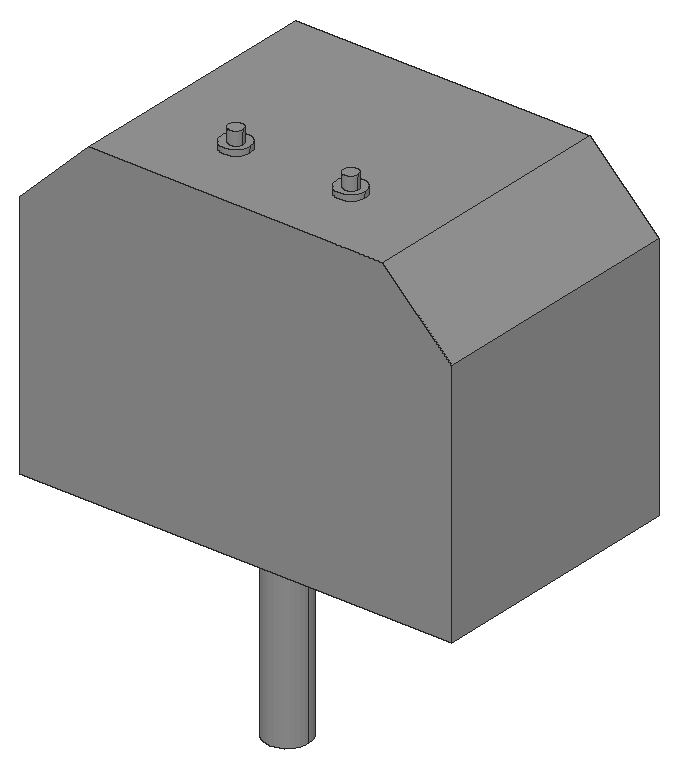
Revit family "Lavatory-Willoughby-CHS-1013-46", category Plumbing Fixtures, Revit 2015
Parameters (values of type "Standard")
  Waste RAD [instance] = Waste DIA / 2  # 3/4"
  Waste DIA [instance] = 1 1/2"
  Waste Connection = yes
  Vent Connection = no
  URL = "https://www.willoughby-ind.com/wp-content/uploads/2018/01/CHS-1013-46.pdf"
  Revision = "A"
  Model = "CHS-1013-46"
  Manufacturer = "Willoughby Industries"
  Lav HW INLET DIA [instance] = 1/2"
  Lav CW INLET DIA [instance] = 1/2"
  HW RAD [instance] = Lav HW INLET DIA / 2  # 1/4"
  HW Connection = yes
  Fixture Body = Stainless Steel AISI 304-Willoughby
  Description = "China Alternative Lavatory"
  Default Elevation = 1' - 11 1/4"
  Contact Number = "(800) 428-4065"
  CW RAD [instance] = Lav CW INLET DIA / 2  # 1/4"
  CW Connection = yes
Reference planes (in)
  plane 1 "Center (Front/Back)": y = 0
  plane 2: z = 0
  plane 3 "Center (Left/Right)": x = 0
  plane 4: y = -9
  plane 5: y = -6.5
Forms (in)
  Extrusion 1, solid, material "Stainless Steel AISI 304-Willoughby" <- "Fixture Body"
    sketch origin (0, -5, 3.25) x (1, 0, 0) y (0, 0, 1)
      loop
        line (7.5, -3.25) -> (7.5, 5.375) -> (5.125, 7.75) -> (-5.125, 7.75) -> (-7.5, 5.375) -> (-7.5, -3.25) -> (7.5, -3.25)
    from -5 to 4
  Extrusion 2, solid, material "Stainless Steel AISI 304-Willoughby" <- "Fixture Body", detail levels fine
    sketch origin (0, 1.25, 0) x (1, 0, 0) y (0, 1, 0)
      loop
        circle (0, -8) r 0.75
    from -6.5 to 1.0625
  Extrusion 3, solid, material "Stainless Steel AISI 304-Willoughby" <- "Fixture Body", detail levels fine
    sketch origin (4, -7, 0) x (1, 0, 0) y (0, 1, 0)
      loop
        circle (-2, 0.5) r 0.25
    from 0 to 0.40584
  Extrusion 4, solid, material "Stainless Steel AISI 304-Willoughby" <- "Fixture Body", detail levels fine
    sketch origin (0, -7, 0) x (1, 0, 0) y (0, 1, 0)
      loop
        circle (-2, 0.5) r 0.25
    from 0 to 0.40584
  Extrusion 5, void, detail levels fine
    sketch origin (0, 0, 0) x (1, 0, 0) y (0, 0, 1)
      loop
        line (-1.17157, 1.75) -> (1.17157, 1.75)
        arc (1.17157, 1.75) -> (1.93694, 1.90224) -> (2.58579, 2.33579) r 2
        line (2.58579, 2.33579) -> (5.80101, 5.55101)
        arc (5.80101, 5.55101) -> (6.3868, 6.96523) -> (5.80101, 8.37944) r 2
        line (5.80101, 8.37944) -> (4.76624, 9.41421)
        arc (4.76624, 9.41421) -> (4.1174, 9.84776) -> (3.35203, 10) r 2
        line (3.35203, 10) -> (-3.35203, 10)
        arc (-3.35203, 10) -> (-4.1174, 9.84776) -> (-4.76624, 9.41421) r 2
        line (-4.76624, 9.41421) -> (-5.80101, 8.37944)
        arc (-5.80101, 8.37944) -> (-6.3868, 6.96523) -> (-5.80101, 5.55101) r 2
        line (-5.80101, 5.55101) -> (-2.58579, 2.33579)
        arc (-2.58579, 2.33579) -> (-1.93694, 1.90224) -> (-1.17157, 1.75) r 2
    from 0 to 5
  Extrusion 6, solid, material "Stainless Steel AISI 304-Willoughby" <- "Fixture Body", detail levels fine
    sketch origin (12, -5, 11) x (-1, 0, 0) y (0, -1, 0)
      loop
        circle (14, 1.5) r 0.25
    from 0 to 0.625
  Extrusion 7, solid, material "Stainless Steel AISI 304-Willoughby" <- "Fixture Body", detail levels fine
    sketch origin (4, -7, 11) x (1, 0, 0) y (0, 1, 0)
      loop
        circle (-2, 0.5) r 0.25
    from 0 to 0.625
  Extrusion 8, solid, material "Stainless Steel AISI 304-Willoughby" <- "Fixture Body", detail levels fine
    sketch origin (0.01519, 0, -0.0561) x (1, 0, 0) y (0, 0, 1)
      loop
        circle (5, 2) r 0.5
    from 0 to -1.5
  Extrusion 9, solid, material "Stainless Steel AISI 304-Willoughby" <- "Fixture Body", detail levels fine
    sketch origin (12, -5, 11) x (-1, 0, 0) y (0, -1, 0)
      loop
        circle (14, 1.5) r 0.5
      loop
        circle (10, 1.5) r 0.5
      loop
        circle (14, 1.5) r 0.25
      loop
        circle (10, 1.5) r 0.25
    from 0 to 0.1875
  Sweep 10, void, detail levels fine
    path in 3D
      loop
        arc (5.51519, 1.5, 1.9439) -> (5.01519, 1.5, 2.4439) -> (4.51519, 1.5, 1.9439) r 0.5
        arc (4.51519, 1.5, 1.9439) -> (5.01519, 1.5, 1.4439) -> (5.51519, 1.5, 1.9439) r 0.5
    profile origin (5.01519, 1.5, 1.4439) x (0, 0, -1) y (0, 1, 0)
      loop
        line (0, 0) -> (-0.3125, 0)
        arc (-0.3125, 0) -> (-0.09153, -0.09153) -> (0, -0.3125) r 0.3125
        line (0, -0.3125) -> (0, 0)
Cuts and joins
  Extrusion 5 cuts Extrusion 1
  Sweep 10 cuts Extrusion 8
Lines and regions (in)
  sketch lines
    curve 1: arc (4.51519, 1.5, 1.9439) -> (5.01519, 1.5, 1.4439) -> (5.51519, 1.5, 1.9439) r 0.5
    curve 2: arc (5.51519, 1.5, 1.9439) -> (5.01519, 1.5, 2.4439) -> (4.51519, 1.5, 1.9439) r 0.5
  model lines, detail levels coarse+medium
    curve 3: line (-7.5, 0, 0) -> (7.5, 0, 0)
  model lines, detail levels medium
    curve 4: circle (4.75, 0, 2) r 0.5 normal (0, -1, 0)
  symbolic lines
    curve 5: line (-7.5, -9, 0) -> (-7.5, 0, 0)
    curve 6: line (-7.5, 0, 0) -> (7.5, 0, 0)
    curve 7: line (7.5, 0, 0) -> (7.5, -9, 0)
    curve 8: line (7.5, -9, 0) -> (-7.5, -9, 0)
    curve 20: line (7.5, 0, 0) -> (7.5, 0, 8.625)
    curve 21: line (7.5, 0, 8.625) -> (5.125, 0, 11)
    curve 22: line (5.125, 0, 11) -> (-5.125, 0, 11)
    curve 23: line (-5.125, 0, 11) -> (-7.5, 0, 8.625)
    curve 24: line (-7.5, 0, 8.625) -> (-7.5, 0, 0)
    curve 53: line (0, 0, 0) -> (0, 0, 11)
    curve 54: line (0, 0, 11) -> (0, -9, 11)
    curve 55: line (0, -9, 11) -> (0, -9, 0)
    curve 56: line (0, -9, 0) -> (0, 0, 0)
    curve 67: line (0, -6, 11.1875) -> (0, -6, 11)
  symbolic lines, detail levels medium+fine
    curve 9: line (-5.125, 0, 0) -> (-5.125, -9, 0)
    curve 10: line (5.125, -9, 0) -> (5.125, 0, 0)
    curve 25: line (2.58579, 0, 2.33579) -> (5.80101, 0, 5.55101)
    curve 26: line (5.80101, 0, 8.37944) -> (4.76624, 0, 9.41421)
    curve 27: line (3.35203, 0, 10) -> (-3.35203, 0, 10)
    curve 28: line (-4.76624, 0, 9.41421) -> (-5.80101, 0, 8.37944)
    curve 29: line (-5.80101, 0, 5.55101) -> (-2.58579, 0, 2.33579)
    curve 30: line (-1.17157, 0, 1.75) -> (1.17157, 0, 1.75)
    curve 31: arc (1.17157, 0, 1.75) -> (1.93694, 0, 1.90224) -> (2.58579, 0, 2.33579) r 2
    curve 32: arc (5.80101, 0, 5.55101) -> (6.3868, 0, 6.96523) -> (5.80101, 0, 8.37944) r 2
    curve 33: arc (4.76624, 0, 9.41421) -> (4.1174, 0, 9.84776) -> (3.35203, 0, 10) r 2
    curve 34: arc (-3.35203, 0, 10) -> (-4.1174, 0, 9.84776) -> (-4.76624, 0, 9.41421) r 2
    curve 35: arc (-5.80101, 0, 8.37944) -> (-6.3868, 0, 6.96523) -> (-5.80101, 0, 5.55101) r 2
    curve 36: arc (-2.58579, 0, 2.33579) -> (-1.93694, 0, 1.90224) -> (-1.17157, 0, 1.75) r 2
    curve 50: line (0.75, 0, -6.5) -> (-0.75, 0, -6.5)
    curve 51: line (-0.75, 0, -6.5) -> (-0.75, 0, 0)
    curve 52: line (0.75, 0, -6.5) -> (0.75, 0, 0)
    curve 62: line (0, -7.5, -6.5) -> (0, -7.5, 0)
    curve 63: line (0, -6, -6.5) -> (0, -6, 0)
    curve 64: line (0, -7.5, -6.5) -> (0, -6, -6.5)
    curve 71: line (0, 0, 8.625) -> (0, -9, 8.625)
  symbolic lines, detail levels fine
    curve 11: circle (1.99704, -6.5, 0) r 0.25296 normal (0, 0, 1)
    curve 12: circle (1.99112, -6.5, 0) r 0.50803 normal (0, 0, 1)
    curve 13: circle (-1.99944, -6.5, 0) r 0.24945 normal (0, 0, 1)
    curve 14: circle (-1.99817, -6.5, 0) r 0.49822 normal (0, 0, 1)
    curve 15: line (5.25564, 0, 0) -> (5.25564, 1.20948, 0)
    curve 16: line (4.24835, 0, 0) -> (4.24835, 1.20948, 0)
    curve 17: line (4.54101, 1.50214, 0) -> (4.96298, 1.50214, 0)
    curve 18: arc (4.24835, 1.20948, 0) -> (4.33407, 1.41642, 0) -> (4.54101, 1.50214, 0) r 0.29266
    curve 19: arc (5.25564, 1.20948, 0) -> (5.16992, 1.41642, 0) -> (4.96298, 1.50214, 0) r 0.29266
    curve 37: circle (4.75, 0, 2) r 0.5 normal (0, -1, 0)
    curve 38: line (1.5, 0, 11) -> (1.5, 0, 11.1875)
    curve 39: line (1.5, 0, 11.1875) -> (2.5, 0, 11.1875)
    curve 40: line (2.5, 0, 11.1875) -> (2.5, 0, 11)
    curve 41: line (1.75, 0, 11.1875) -> (1.75, 0, 11.625)
    curve 42: line (1.75, 0, 11.625) -> (2.25, 0, 11.625)
    curve 43: line (2.25, 0, 11.625) -> (2.25, 0, 11.1875)
    curve 44: line (-2.5, 0, 11) -> (-2.5, 0, 11.1875)
    curve 45: line (-2.5, 0, 11.1875) -> (-1.5, 0, 11.1875)
    curve 46: line (-1.5, 0, 11.1875) -> (-1.5, 0, 11)
    curve 47: line (-2.25, 0, 11.1875) -> (-2.25, 0, 11.625)
    curve 48: line (-2.25, 0, 11.625) -> (-1.75, 0, 11.625)
    curve 49: line (-1.75, 0, 11.625) -> (-1.75, 0, 11.1875)
    curve 57: line (0, 0, 1.5) -> (0, 1.20284, 1.5)
    curve 58: line (0, 0, 2.5) -> (0, 1.20284, 2.5)
    curve 59: line (0, 1.50104, 2.2018) -> (0, 1.50104, 1.78745)
    curve 60: arc (0, 1.20284, 2.5) -> (0, 1.4137, 2.41266) -> (0, 1.50104, 2.2018) r 0.2982
    curve 61: arc (0, 1.50104, 1.78745) -> (0, 1.42011, 1.59205) -> (0, 1.22471, 1.51112) r 0.27633
    curve 65: line (0, -7, 11) -> (0, -7, 11.1875)
    curve 66: line (0, -7, 11.1875) -> (0, -6, 11.1875)
    curve 68: line (0, -6.25, 11.1875) -> (0, -6.25, 11.625)
    curve 69: line (0, -6.25, 11.625) -> (0, -6.75, 11.625)
    curve 70: line (0, -6.75, 11.625) -> (0, -6.75, 11.1875)
  reference lines
    curve 72: line (7.5, 0, 0) -> (7.5, 0, 11)
    curve 73: line (7.5, 0, 0) -> (5, 0, 0)
    curve 74: line (7.5, 0, 0) -> (5, 0, 0)
    curve 75: line (5, 0, 0) -> (5, 0, 2)
Dimensions and locks (in)
  plane 4 to plane 1 "Center (Front/Back)" = 0' - 9"
  "CW RAD": radius of Extrusion 3 sketch curve
  "HW RAD": radius of Extrusion 4 sketch curve
  "Waste RAD": radius of Extrusion 2 sketch curve
  "HW RAD": radius of Extrusion 6 sketch curve
  "HW RAD": radius of Extrusion 7 sketch curve
  aligned: plane 5 to Extrusion 2 sketch curve
  aligned and locked: plane 5 to Extrusion 3 sketch curve
  aligned and locked: plane 5 to Extrusion 4 sketch curve
  aligned and locked: Sweep 10 sketch curve to profile plane
  aligned and locked: level to cut or joined group of Extrusion 1, Extrusion 5
  aligned and locked: cut or joined group of Extrusion 1, Extrusion 5 to cut or joined group of Extrusion 1, Extrusion 5
  aligned and locked: Extrusion 7 to Extrusion 6
Automatic sketch dimensions
  Extrusion 1 sketch curve to level = 0' - 0"
  Extrusion 1 sketch curve to plane 3 "Center (Left/Right)" = 0' - 7 1/2"
  Extrusion 1 sketch curve to Extrusion 1 sketch curve = 0' - 2 3/8"  (x3)
  plane 3 "Center (Left/Right)" to Extrusion 1 sketch curve = 0' - 5 1/8"
  level to Extrusion 1 sketch curve = 0' - 8 5/8"  (x2)
  Extrusion 5 sketch curve to plane 3 "Center (Left/Right)" = 0' - 5.80101"
  Extrusion 5 sketch curve to Extrusion 5 sketch curve = 0' - 0"
  Extrusion 5 sketch curve to Extrusion 5 sketch curve = 0' - 1.03477"  (x7)
  Extrusion 5 sketch curve to Extrusion 5 sketch curve = 0' - 1.41421"  (x6)
  Extrusion 5 sketch curve to plane 3 "Center (Left/Right)" = 0' - 2.58579"
  Extrusion 5 sketch curve to plane 3 "Center (Left/Right)" = 0' - 1.17157"
  plane 3 "Center (Left/Right)" to Extrusion 5 sketch curve = 0' - 1.17157"
  plane 3 "Center (Left/Right)" to Extrusion 5 sketch curve = 0' - 3.35203"
  level to Extrusion 5 sketch curve = 0' - 1 3/4"
  Extrusion 5 sketch curve to Extrusion 5 sketch curve = 0' - 0.58579"  (x2)
  Extrusion 5 sketch curve to Extrusion 5 sketch curve = 0' - 3.21523"  (x2)
  level to Extrusion 8 sketch curve = 0' - 1.9439"
  plane 3 "Center (Left/Right)" to Extrusion 8 sketch curve = 0' - 5.01519"
  Extrusion 9 sketch curve to Extrusion 9 sketch curve = 0' - 0"  (x4)
  Extrusion 9 sketch curve to Extrusion 1 = 0' - 3 1/8"  (x2)
  Extrusion 1 to Extrusion 9 sketch curve = 0' - 2 1/2"  (x2)
  Sweep 10 sketch curve to Sweep 10 sketch curve = 0' - 0 5/16"
  Sweep 10 sketch curve to profile plane = 0' - 0"
  plane 1 "Center (Front/Back)" to curve 5 = 0' - 0"
  plane 4 to curve 8 = 0' - 0"
  plane 5 to curve 13 = 0' - 0"
  plane 5 to curve 14 = 0' - 0"
  plane 5 to curve 12 = 0' - 0"
  plane 5 to curve 11 = 0' - 0"
  curve 5 to plane 3 "Center (Left/Right)" = 0' - 7 1/2"
  curve 13 to plane 3 "Center (Left/Right)" = 0' - 1.99944"
  curve 13 to curve 14 = 0' - 0.00127"
  plane 3 "Center (Left/Right)" to curve 12 = 0' - 1.99112"
  curve 12 to curve 11 = 0' - 0.00592"
  curve 16 to plane 1 "Center (Front/Back)" = 0' - 1.20948"
  plane 3 "Center (Left/Right)" to curve 16 = 0' - 4.24835"
  curve 16 to curve 18 = 0' - 0.29266"
  curve 18 to curve 19 = 0' - 0.42197"
  curve 19 to curve 7 = 0' - 2.53702"
  curve 19 to curve 17 = 0' - 0.29266"
  curve 5 to curve 9 = 0' - 2 3/8"
  curve 10 to curve 7 = 0' - 2 3/8"
  curve 10 to curve 15 = 0' - 0.13064"
  curve 4 to curve 37 = 0' - 0"  (x4)
  curve 3 to level = 0' - 0"
  plane 3 "Center (Left/Right)" to curve 32 = 0' - 4.3868"
  curve 27 to curve 32 = 0' - 1.03477"
  curve 25 to curve 4 = 0' - 2.16421"
  curve 40 to curve 27 = 0' - 0.85203"
  curve 42 to curve 39 = 0' - 0 1/4"
  curve 42 to curve 42 = 0' - 0 1/2"
  curve 38 to curve 41 = 0' - 0 1/4"
  plane 3 "Center (Left/Right)" to curve 30 = 0' - 1.17157"
  curve 51 to plane 3 "Center (Left/Right)" = 0' - 0 3/4"
  curve 36 to plane 3 "Center (Left/Right)" = 0' - 1.17157"
  curve 46 to plane 3 "Center (Left/Right)" = 0' - 1 1/2"
  curve 48 to curve 45 = 0' - 0 1/4"
  curve 47 to curve 48 = 0' - 0 1/2"
  curve 45 to curve 47 = 0' - 0 1/4"
  curve 29 to curve 36 = 0' - 1.41421"
  curve 34 to curve 44 = 0' - 0.85203"
  curve 35 to curve 34 = 0' - 1.03477"  (x2)
  curve 28 to curve 27 = 0' - 1.41421"
  curve 23 to curve 34 = 0' - 0.35876"
  curve 28 to curve 28 = 0' - 1.03477"
  curve 29 to curve 35 = 0' - 1.41421"  (x2)
  curve 24 to curve 36 = 0' - 4.91421"
  curve 33 to curve 26 = 0' - 1.41421"
  curve 26 to curve 22 = 0' - 0.35876"
  curve 33 to curve 26 = 0' - 1.03477"
  curve 32 to curve 25 = 0' - 1.41421"
  curve 4 to curve 20 = 0' - 2 3/4"
  curve 51 to curve 51 = 0' - 6 1/2"
  level to curve 30 = 0' - 1 3/4"
  curve 31 to curve 25 = 0' - 0.58579"
  curve 36 to curve 29 = 0' - 0.58579"
  curve 4 to curve 25 = 0' - 3.55101"
  curve 29 to curve 29 = 0' - 3.21523"
  curve 25 to curve 32 = 0' - 1.41421"
  curve 32 to curve 33 = 0' - 1.03477"
  curve 35 to curve 23 = 0' - 0.24556"
  curve 32 to curve 21 = 0' - 0.24556"
  curve 26 to curve 26 = 0' - 1.03477"
  curve 34 to curve 23 = 0' - 1.58579"
  curve 38 to curve 38 = 0' - 0 3/16"
  curve 44 to curve 44 = 0' - 0 3/16"
  curve 49 to curve 48 = 0' - 0 7/16"
  curve 41 to curve 42 = 0' - 0 7/16"
  plane 3 "Center (Left/Right)" to curve 52 = 0' - 0 3/4"
  curve 56 to level = 0' - 0"
  curve 71 to plane 4 = 0' - 0"
  curve 71 to plane 1 "Center (Front/Back)" = 0' - 0"
  plane 5 to curve 64 = 0' - 1"
  plane 5 to curve 65 = 0' - 0 1/2"
  plane 5 to curve 70 = 0' - 0 1/4"
  curve 68 to plane 5 = 0' - 0 1/4"
  curve 68 to curve 67 = 0' - 0 1/4"
  curve 64 to plane 5 = 0' - 0 1/2"
  curve 58 to curve 58 = 0' - 1.20284"
  curve 60 to curve 61 = 0' - 0.02187"
  curve 60 to curve 59 = 0' - 0.2982"
  curve 62 to curve 62 = 0' - 6 1/2"
  level to curve 59 = 0' - 1.78745"
  curve 61 to curve 59 = 0' - 0.41436"
  curve 58 to curve 54 = 0' - 8 1/2"
  curve 67 to curve 67 = 0' - 0 3/16"
  curve 68 to curve 69 = 0' - 0 7/16"
  curve 57 to curve 61 = 0' - 0.02187"
  curve 57 to curve 61 = 0' - 0.01112"
  curve 71 to curve 53 = 0' - 2 3/8"
  Extrusion 2 sketch curve to plane 3 "Center (Left/Right)" = 0' - 0"
  plane 5 to Extrusion 2 sketch curve = 0' - 0 1/4"
  plane 3 "Center (Left/Right)" to Extrusion 3 sketch curve = 0' - 2"
  Extrusion 4 sketch curve to plane 3 "Center (Left/Right)" = 0' - 2"
  Extrusion 6 sketch curve to Extrusion 1 = 0' - 3 1/8"
  Extrusion 1 to Extrusion 6 sketch curve = 0' - 2 1/2"
  plane 5 to Extrusion 7 sketch curve = 0' - 0"
  plane 3 "Center (Left/Right)" to Extrusion 7 sketch curve = 0' - 2"
  curve 31 to curve 25 = 0' - 1.41421"
  level to curve 37 = 0' - 2"
  curve 74 to level = 0' - 0"
  plane 3 "Center (Left/Right)" to curve 74 = 0' - 7 1/2"
  curve 75 to curve 72 = 0' - 2 1/2"
  curve 73 to curve 75 = 0' - 2"
  curve 75 to curve 72 = 0' - 9"
  radius of Extrusion 8 sketch curve = 0' - 0 1/2"
  radius of Extrusion 9 sketch curve = 0' - 0 1/2"  (x2)
  radius of Extrusion 9 sketch curve = 0' - 0 1/4"  (x2)
  radius of curve 11 = 0' - 0.25296"
  radius of curve 12 = 0' - 0.50803"
  radius of curve 13 = 0' - 0.24945"
  radius of curve 14 = 0' - 0.49822"
  radius of curve 37 = 0' - 0 1/2"
  radius of curve 4 = 0' - 0 1/2"
Connectors (in)
  piping at (2, -6.5, 0), diameter 0.5, driven by "CW RAD", driven by "CW Connection"
    settings: on Extrusion 3, index 2, connector inside diameter 1/2", connector length 0' - 0", flow factor 0, pipe flow 0 GPM, pressure drop 0.00 psi, fitting loss kfactor 0, connector angle 0.00°, fixture units 0, engagement length 0' - 0", angle of deflection 0.00°, flow configuration 0, flow direction 1, fitting loss method 0, system type 20, joint type 0, gender type 0, connector reference index -1, connector utility 1, adjustable connector no, is connector primary yes, connector description "Lav CW"
  piping at (0, -6.75, -6.5), diameter 1.5, driven by "Waste RAD", driven by "Waste Connection"
    settings: on Extrusion 2, index 3, connector inside diameter 1 1/2", connector length 0' - 0", flow factor 0, pipe flow 0 GPM, pressure drop 0.00 psi, fitting loss kfactor 0, connector angle 0.00°, fixture units 0, engagement length 0' - 0", angle of deflection 0.00°, flow configuration 0, flow direction 2, fitting loss method 0, system type 16, joint type 0, gender type 0, connector reference index -1, connector utility 1, adjustable connector yes, is connector primary no, connector description "Lav Drain"
  piping at (-2, -6.5, 0), diameter 0.5, driven by "HW RAD", driven by "HW Connection"
    settings: on Extrusion 4, index 4, connector inside diameter 1/2", connector length 0' - 0", flow factor 0, pipe flow 0 GPM, pressure drop 0.00 psi, fitting loss kfactor 0, connector angle 0.00°, fixture units 0, engagement length 0' - 0", angle of deflection 0.00°, flow configuration 0, flow direction 1, fitting loss method 0, system type 19, joint type 0, gender type 0, connector reference index -1, connector utility 1, adjustable connector no, is connector primary no, connector description "Lav HW"
